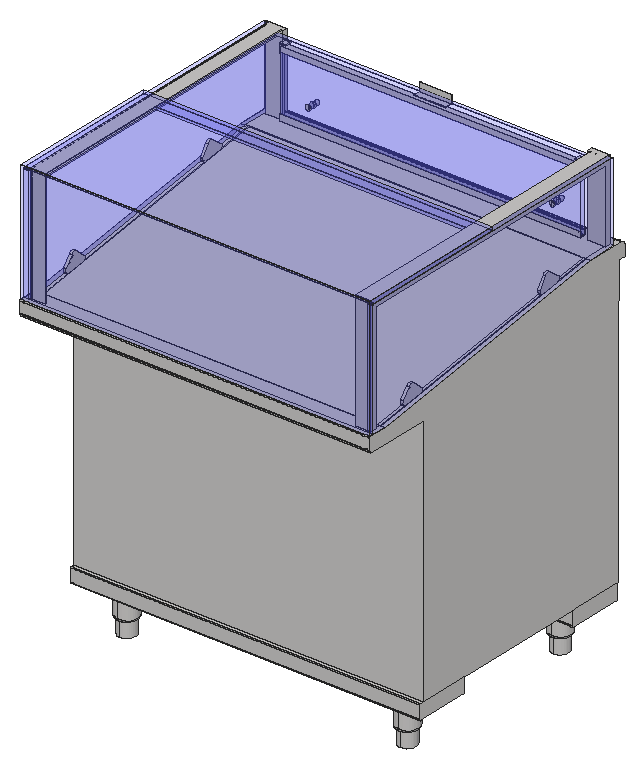
Revit family "Food-Service-Equipment_Oscartek_RN900_Standard", category Specialty Equipment, Revit 2026
Family settings
  Round Connector Dimension = Use Diameter
  Part Type = Normal
  Classification Number = 23.40.40.11
  Work Plane-Based = No
  Enable Cutting in Views = No
  Always vertical = Yes
  Cut with Voids When Loaded = No
  Maintain Annotation Orientation = No
  Shared = No
  Room Calculation Point = No
Parameters
  Width = 35.42969"  # constant formula
  Weight in Pounds = 216
  Watts = Volts * FL Amps  # 240 W
  Volts = 120 V
  URL Cutsheet = "www.oscartek.com"
  URL = "www.oscartek.com"
  Type Mark [instance] = ""
  Type Comments = "As Specified"
  Test Data = "http://www.oscartek.com/company/clients.php"
  Status [instance] = ""
  Specification by User [instance] = ""
  Specification by Manufacturer = ""
  Specification = "https://www.arcat.com/arcatcos/cos48/arc48760.html"
  Show Clearance [instance] = yes
  Serial Number = ""
  Seismic Rating = ""
  Sales Information = "http://www.oscartek.com/company/contact.php"
  SMACNA No = ""
  Revision Code [instance] = ""
  Revision = "R1_2018-10"
  Product Data = "http://www.oscartek.com/support/manuals/"
  Plumbing Remarks = ""
  Plumbing Connection Type = ""
  Phase = 1
  Omniclass Number and Title = ""
  Number of Poles [instance] = 1
  NAFEM Spec ID Number = ""
  Model = "RN900 STANDARD"
  Min Ckt Ampacity = 0 A
  Max Overcurrent Protection = 0 A
  Masterspec = ""
  Manufacturer Website = "http://www.oscartek.com/index.php"
  Manufacturer Phone - Toll Free = "855-885-2400"
  Manufacturer Phone = "650-342-2400"
  Manufacturer Fax = "650-342-7400"
  Manufacturer Address = "361 Beach Rd., Burlingame, CA 94010"
  Manufacturer = "OSCARTEK"
  Item Number [instance] = ""
  Installed By [instance] = ""
  Installation-Fabrication = "http://www.oscartek.com/support/manuals/"
  Indirect Waste Size = 1"
  Indirect Waste Flow [instance] = 0 GPM
  Indirect Waste Connection Type = ""
  Indirect Waste Connection Height [instance] = 0.00"
  Identify Quantity as Lot [instance] = yes
  HP = ""
  Green Building-LEED = "https://www.arcat.com/green/green_building.shtml"
  Furnished By [instance] = ""
  Foodservice Equipment Identifier [instance] = yes
  FL Amps = 2 A
  Electrical Remarks [instance] = ""
  Electric Connection Type [instance] = ""
  Elec Conn RI Height [instance] = 0.00"
  Elec Conn Connection Height [instance] = 0.00"
  Drawn By = "Sumex Design, Inc. / Robert S. Weygant, CSI, CDT, SCIP"
  Description = "ROSA NEUTRAL SHOWCASE"
  Default Elevation = 0.00"
  Cycle = 60 Hz
  Copyright = "©Arcat Inc."
  Construction Details = "http://www.oscartek.com/support/manuals/"
  Conn Plug = ""
  Conn Conduit = yes
  Category = ""
  CSI MasterFormat = "11 41 33"
  CSI Master Format = "Foodservice Shelving"
  Building Codes = "https://www.arcat.com/arcatcos/cos48/arc48760.html"
  Body Finish [instance] = QF_Finishes_Stainless Steel
  Apparent Power = if(Phase = 3, Volts * FL Amps * 1.73, Volts * FL Amps)  # 240 VA
Reference planes (in)
  plane 1 "BACK": y = 7.29134
  plane 2: z = 0
  plane 3 "LEFT": x = 0
  plane 4 "RIGHT": x = 35.42969
  plane 5 "FRONT": y = -24.95866
  plane 6 "TOP": z = 45.25
  plane 7 "Center Y": x = 17.71484
  plane 8 "Center X": y = -8.83366
  plane 9 "Base Height": z = 6
  plane 10 "Right Off": x = 31.92969
  plane 11: x = 0.5
  plane 12: x = 34.92969
  plane 13: z = 31.5
Forms (in)
  Revolve 1, solid, material "QF_Finishes_Stainless Steel"
    sketch origin (3.5, 0, 0) x (0, 1, 0) y (0, 0, 1)
      loop
        line (-15.81885, 0) -> (-14.95271, 0) -> (-14.95271, 1.57481) -> (-14.86603, 1.57481)
        arc (-14.86603, 1.57481) -> (-14.76029, 1.61861) -> (-14.71649, 1.72436) r 0.14954
        line (-14.71649, 1.72436) -> (-14.71649, 4.46851) -> (-15.81885, 4.46851) -> (-15.81885, 0)
      axis (-15.81885, 0) -> (-15.81885, 4.46851)
    angle from 0 to 360
  Revolve 2, solid, material "QF_Finishes_Stainless Steel"
    sketch origin (3.5, 19.37004, 0) x (0, 1, 0) y (0, 0, 1)
      loop
        line (-15.81885, 0) -> (-14.95271, 0) -> (-14.95271, 1.57481) -> (-14.86603, 1.57481)
        arc (-14.86603, 1.57481) -> (-14.76029, 1.61861) -> (-14.71649, 1.72436) r 0.14954
        line (-14.71649, 1.72436) -> (-14.71649, 4.46851) -> (-15.81885, 4.46851) -> (-15.81885, 0)
      axis (-15.81885, 0) -> (-15.81885, 4.46851)
    angle from 0 to 360
  Extrusion 3, solid, material "QF_Finishes_Stainless Steel" <- "Body Finish"
    sketch origin (0, 0, 0) x (0, 1, 0) y (0, 0, 1)
      loop
        line (-18.51225, 4.46851) -> (-13.12545, 4.46851)
        arc (-13.12545, 4.46851) -> (-13.08126, 4.48681) -> (-13.06295, 4.53101) r 0.0625
        line (-13.06295, 4.53101) -> (-13.06295, 5.9375)
        arc (-13.06295, 5.9375) -> (-13.08126, 5.98169) -> (-13.12545, 6) r 0.0625
        line (-13.12545, 6) -> (-18.51225, 6)
        arc (-18.51225, 6) -> (-18.55644, 5.98169) -> (-18.57475, 5.9375) r 0.0625
        line (-18.57475, 5.9375) -> (-18.57475, 4.53101)
        arc (-18.57475, 4.53101) -> (-18.55644, 4.48681) -> (-18.51225, 4.46851) r 0.0625
      loop
        line (0.85779, 4.46851) -> (6.24459, 4.46851)
        arc (6.24459, 4.46851) -> (6.28878, 4.48681) -> (6.30709, 4.53101) r 0.0625
        line (6.30709, 4.53101) -> (6.30709, 5.9375)
        arc (6.30709, 5.9375) -> (6.28878, 5.98169) -> (6.24459, 6) r 0.0625
        line (6.24459, 6) -> (0.85779, 6)
        arc (0.85779, 6) -> (0.8136, 5.98169) -> (0.79529, 5.9375) r 0.0625
        line (0.79529, 5.9375) -> (0.79529, 4.53101)
        arc (0.79529, 4.53101) -> (0.8136, 4.48681) -> (0.85779, 4.46851) r 0.0625
    from 0 to 35.42969
  Revolve 4, solid, material "QF_Finishes_Stainless Steel"
    sketch origin (31.92969, 0, 0) x (0, 0, -1) y (0, -1, 0)
      loop
        line (0, 15.81885) -> (-4.46851, 15.81885) -> (-4.46851, 14.71649) -> (-1.72436, 14.71649)
        arc (-1.72436, 14.71649) -> (-1.61861, 14.76029) -> (-1.57481, 14.86603) r 0.14954
        line (-1.57481, 14.86603) -> (-1.57481, 14.95271) -> (0, 14.95271) -> (0, 15.81885)
      axis (0, 15.81885) -> (-4.46851, 15.81885)
    angle from 0 to 360
  Revolve 5, solid, material "QF_Finishes_Stainless Steel"
    sketch origin (31.92969, 0, 0) x (0, 0, -1) y (0, -1, 0)
      loop
        line (0, -3.55119) -> (-4.46851, -3.55119) -> (-4.46851, -4.65355) -> (-1.72436, -4.65355)
        arc (-1.72436, -4.65355) -> (-1.61861, -4.60975) -> (-1.57481, -4.50401) r 0.14954
        line (-1.57481, -4.50401) -> (-1.57481, -4.41733) -> (0, -4.41733) -> (0, -3.55119)
      axis (0, -3.55119) -> (-4.46851, -3.55119)
    angle from 0 to 360
  Extrusion 6, solid, material "QF_Finishes_Stainless Steel" <- "Body Finish"
    sketch origin (0, 0, 0) x (0, 1, 0) y (0, 0, 1)
      loop
        line (6.90709, 36.74797) -> (3.04134, 36.74797) -> (3.04134, 35.49797) -> (3.54134, 35.49797) -> (3.54134, 31.625) -> (-23.20866, 31.625) -> (-23.20866, 31.75) -> (-22.95866, 31.75) -> (-22.95866, 33) -> (-24.90866, 33)
        arc (-24.90866, 33) -> (-24.94401, 32.98536) -> (-24.95866, 32.95) r 0.05
        line (-24.95866, 32.95) -> (-24.95866, 31.80078)
        arc (-24.95866, 31.80078) -> (-24.94379, 31.76487) -> (-24.90788, 31.75) r 0.05078
        line (-24.90788, 31.75) -> (-24.84055, 31.75) -> (-24.84055, 31.5) -> (-18.18105, 31.5) -> (-18.18105, 6) -> (6.50394, 6) -> (6.50394, 31.5) -> (6.58268, 31.5) -> (6.58268, 35.24797) -> (7.24056, 35.24797)
        arc (7.24056, 35.24797) -> (7.27647, 35.26284) -> (7.29134, 35.29875) r 0.05078
        line (7.29134, 35.29875) -> (7.29134, 36.32422)
        arc (7.29134, 36.32422) -> (7.18097, 36.61023) -> (6.90709, 36.74797) r 0.42578
    from 0.5 to 34.92969
  Extrusion 7, solid, material "Glass"
    sketch origin (0, 0, 0) x (0, 1, 0) y (0, 0, 1)
      loop
        line (5.84459, 44.8563) -> (-24.36893, 44.8563)
        arc (-24.36893, 44.8563) -> (-24.48028, 44.81018) -> (-24.52641, 44.69882) r 0.15748
        line (-24.52641, 44.69882) -> (-24.52641, 33) -> (-22.95866, 33) -> (3.04134, 36.74797) -> (6.00207, 36.74797) -> (6.00207, 44.69882)
        arc (6.00207, 44.69882) -> (5.95595, 44.81018) -> (5.84459, 44.8563) r 0.15748
    from 0 to 0.5
  Extrusion 8, solid, material "Glass"
    sketch origin (35.42969, 0, 0) x (0, 1, 0) y (0, 0, 1)
      loop
        line (5.84459, 44.8563) -> (-24.36893, 44.8563)
        arc (-24.36893, 44.8563) -> (-24.48028, 44.81018) -> (-24.52641, 44.69882) r 0.15748
        line (-24.52641, 44.69882) -> (-24.52641, 33) -> (-22.95866, 33) -> (3.04134, 36.74797) -> (6.00207, 36.74797) -> (6.00207, 44.69882)
        arc (6.00207, 44.69882) -> (5.95595, 44.81018) -> (5.84459, 44.8563) r 0.15748
    from -0.5 to 0
  Extrusion 9, solid, material "Glass"
    sketch origin (0, 0, 0) x (0, 1, 0) y (0, 0, 1)
      loop
        line (-9.33366, 45.25) -> (-24.92011, 45.25) -> (-24.92011, 32.99797) -> (-24.52641, 32.99797) -> (-24.52641, 44.8563) -> (-9.33366, 44.8563) -> (-9.33366, 45.25)
    from 0 to 35.42969
  Extrusion 10, solid, material "Glass"
    sketch origin (39.25, 0, 0.0625) x (0, 1, 0) y (0, 0, -1)
      loop
        line (5.50207, -44.53142) -> (5.50207, -44.19263) -> (-9.95866, -44.19263) -> (-9.95866, -44.53142) -> (5.50207, -44.53142)
    from 4.48558 to 38.58473
  Extrusion 11, solid, material "QF_Finishes_Stainless Steel" <- "Body Finish"
    sketch origin (35.42969, 0, 0) x (0, 1, 0) y (0, 0, 1)
      loop
        line (6.90709, 36.74797) -> (3.04134, 36.74797) -> (-22.95866, 33) -> (-24.90866, 33)
        arc (-24.90866, 33) -> (-24.94401, 32.98536) -> (-24.95866, 32.95) r 0.05
        line (-24.95866, 32.95) -> (-24.95866, 31.80078)
        arc (-24.95866, 31.80078) -> (-24.94379, 31.76487) -> (-24.90788, 31.75) r 0.05078
        line (-24.90788, 31.75) -> (-24.84055, 31.75) -> (-24.84055, 31.5) -> (-18.18105, 31.5) -> (-18.18105, 6) -> (6.50394, 6) -> (6.50394, 31.5) -> (6.58268, 31.5) -> (6.58268, 35.24797) -> (7.24056, 35.24797)
        arc (7.24056, 35.24797) -> (7.27647, 35.26284) -> (7.29134, 35.29875) r 0.05078
        line (7.29134, 35.29875) -> (7.29134, 36.32422)
        arc (7.29134, 36.32422) -> (7.18097, 36.61023) -> (6.90709, 36.74797) r 0.42578
    from 0 to -0.75
  Extrusion 12, solid, material "QF_Finishes_Stainless Steel"
    sketch origin (0, 0, 0) x (1, 0, 0) y (0, 1, 0)
      loop
        line (0.5, 6.00207) -> (0.5, 5.50207) -> (2.25, 5.50207) -> (2.25, 6.00207) -> (0.5, 6.00207)
      loop
        line (34.92969, 6.00207) -> (33.17969, 6.00207) -> (33.17969, 5.50207) -> (34.92969, 5.50207) -> (34.92969, 6.00207)
    from 36.74797 to 44.8563
  Extrusion 13, solid, material "Glass"
    sketch origin (0, -0.10938, 0) x (1, 0, 0) y (0, 1, 0)
      loop
        line (2.5, 5.50207) -> (2.5, 5.00207) -> (32.92969, 5.00207) -> (32.92969, 5.50207) -> (2.5, 5.50207)
    from 37.21272 to 43.81693
  Extrusion 14, solid, material "QF_Finishes_Stainless Steel"
    sketch origin (0, 0, 0) x (0, 1, 0) y (0, 0, 1)
      loop
        line (4.8927, 43.81693) -> (5.3927, 43.81693) -> (5.3927, 43.31693) -> (5.4552, 43.31693) -> (5.4552, 43.87943) -> (4.8302, 43.87943) -> (4.8302, 43.31693) -> (4.8927, 43.31693) -> (4.8927, 43.81693)
      loop
        line (4.8927, 37.16315) -> (4.8927, 37.66315) -> (4.8302, 37.66315) -> (4.8302, 37.10065) -> (5.4552, 37.10065) -> (5.4552, 37.66315) -> (5.3927, 37.66315) -> (5.3927, 37.16315) -> (4.8927, 37.16315)
    from 2.5 to 32.92969
  Extrusion 15, solid, material "QF_Finishes_Stainless Steel"
    sketch origin (0, -24.95866, 0) x (1, 0, 0) y (0, 0, 1)
      loop
        line (33.86719, 44.1063) -> (34.92969, 44.1063) -> (34.92969, 44.8563) -> (33.42969, 44.8563) -> (33.42969, 44.7938) -> (34.86719, 44.7938) -> (34.86719, 44.1688) -> (33.86719, 44.1688) -> (33.86719, 44.1063)
      loop
        line (1.5625, 44.1063) -> (1.5625, 44.1688) -> (0.5625, 44.1688) -> (0.5625, 44.7938) -> (2, 44.7938) -> (2, 44.8563) -> (0.5, 44.8563) -> (0.5, 44.1063) -> (1.5625, 44.1063)
    from -30.46073 to -0.78937
  Extrusion 16, solid, material "QF_Finishes_Stainless Steel"
    sketch origin (0, -24.95866, 0) x (1, 0, 0) y (0, 0, 1)
      loop
        line (32.35755, 44.13772) -> (32.35755, 44.07522) -> (32.94011, 44.07522) -> (32.94011, 43.2537) -> (33.00261, 43.2537) -> (33.00261, 44.13772) -> (32.35755, 44.13772)
      loop
        line (3.07214, 44.13772) -> (2.42708, 44.13772) -> (2.42708, 43.2537) -> (2.48958, 43.2537) -> (2.48958, 44.07522) -> (3.07214, 44.07522) -> (3.07214, 44.13772)
    from -30.41386 to -29.78886
  Extrusion 17, solid, material "QF_Finishes_Door Clearance", visible <- "Show Clearance", detail levels coarse
    sketch origin (0, 0, 0) x (0, 1, 0) y (0, 0, 1)
      loop
        line (4.8927, 43.81693) -> (-1.82359, 43.81693)
        arc (-1.82359, 43.81693) -> (0.14357, 39.0678) -> (4.8927, 37.10065) r 6.71628
        line (4.8927, 37.10065) -> (4.8927, 43.81693)
    from 2.5 to 32.92969
  Extrusion 18, solid, material "QF_Finishes_Stainless Steel"
    sketch origin (0, 0, 0) x (1, 0, 0) y (0, 1, 0)
      loop
        line (0.5, -24.20866) -> (2, -24.20866) -> (2, -24.16929) -> (0.5625, -24.16929) -> (0.5625, -23.62362) -> (0.5, -23.62362) -> (0.5, -24.20866)
      loop
        line (34.92969, -24.20866) -> (34.92969, -23.62362) -> (34.86719, -23.62362) -> (34.86719, -24.16929) -> (33.42969, -24.16929) -> (33.42969, -24.20866) -> (34.92969, -24.20866)
    from 33 to 44.8563
  Extrusion 19, solid, material "QF_Finishes_Stainless Steel"
    sketch origin (17.71484, 0, 0) x (0, 1, 0) y (0, 0, 1)
      loop
        line (4.83, 44.23056) -> (4.83, 44.19038) -> (5.55097, 44.19038) -> (5.55097, 45.05251) -> (5.48847, 45.05251) -> (5.48847, 44.23056) -> (4.83, 44.23056)
    from -1.625 to 1.625
  Revolve 20, solid, material "QF_Finishes_Stainless Steel"
    sketch origin (5.33984, 0, 0.75) x (0, 1, 0) y (0, 0, 1)
      loop
        line (4.82255, 38.49797) -> (4.82255, 38.24797) -> (4.8927, 38.24797) -> (4.8927, 38.49797) -> (4.82255, 38.49797)
      loop
        line (5.3927, 38.49797) -> (5.3927, 38.24797) -> (5.46285, 38.24797) -> (5.46285, 38.34575) -> (5.74111, 38.44703)
        arc (5.74111, 38.44703) -> (5.95993, 38.29989) -> (6.13398, 38.49797) r 0.19974
        line (6.13398, 38.49797) -> (5.3927, 38.49797)
      axis (4.82255, 38.49797) -> (6.13398, 38.49797)
    angle from 0 to 360
  Revolve 21, solid, material "QF_Finishes_Stainless Steel"
    sketch origin (30.08984, 0, 0.75) x (0, 1, 0) y (0, 0, -1)
      loop
        line (4.82255, -38.49797) -> (4.8927, -38.49797) -> (4.8927, -38.24797) -> (4.82255, -38.24797) -> (4.82255, -38.49797)
      loop
        line (5.3927, -38.49797) -> (6.13398, -38.49797)
        arc (6.13398, -38.49797) -> (5.95993, -38.29989) -> (5.74111, -38.44703) r 0.19974
        line (5.74111, -38.44703) -> (5.46285, -38.34575) -> (5.46285, -38.24797) -> (5.3927, -38.24797) -> (5.3927, -38.49797)
      axis (4.82255, -38.49797) -> (6.13398, -38.49797)
    angle from 0 to 360
  Extrusion 22, solid, material "QF_Finishes_Stainless Steel"
    sketch origin (0, 0, 0) x (0, 1, 0) y (0, 0, 1)
      loop
        line (-19.73734, 33.46436) -> (-18.02583, 33.71108)
        arc (-18.02583, 33.71108) -> (-17.79557, 33.87166) -> (-17.7871, 34.15225) r 0.3125
        line (-17.7871, 34.15225) -> (-18.75756, 34.98985)
        arc (-18.75756, 34.98985) -> (-19.04365, 35.07894) -> (-19.30393, 34.93046) r 0.37574
        line (-19.30393, 34.93046) -> (-20.05317, 33.92884)
        arc (-20.05317, 33.92884) -> (-20.04034, 33.59795) -> (-19.73734, 33.46436) r 0.31249
      loop
        arc (-0.67039, 36.21291) -> (-0.41746, 36.42664) -> (-0.49861, 36.74768) r 0.31249
        line (-0.49861, 36.74768) -> (-1.50023, 37.49691)
        arc (-1.50023, 37.49691) -> (-1.79185, 37.56583) -> (-2.04114, 37.39956) r 0.37574
        line (-2.04114, 37.39956) -> (-2.73552, 36.32198)
        arc (-2.73552, 36.32198) -> (-2.64814, 36.0552) -> (-2.38191, 35.96619) r 0.3125
        line (-2.38191, 35.96619) -> (-0.67039, 36.21291)
    from 0.5 to 0.76122
  Extrusion 23, solid, material "QF_Finishes_Stainless Steel"
    sketch origin (35.42969, 0, 0) x (0, 1, 0) y (0, 0, 1)
      loop
        line (-19.73734, 33.46436) -> (-18.02583, 33.71108)
        arc (-18.02583, 33.71108) -> (-17.79557, 33.87166) -> (-17.7871, 34.15225) r 0.3125
        line (-17.7871, 34.15225) -> (-18.75756, 34.98985)
        arc (-18.75756, 34.98985) -> (-19.04365, 35.07894) -> (-19.30393, 34.93046) r 0.37574
        line (-19.30393, 34.93046) -> (-20.05317, 33.92884)
        arc (-20.05317, 33.92884) -> (-20.04034, 33.59795) -> (-19.73734, 33.46436) r 0.31249
      loop
        arc (-0.67039, 36.21291) -> (-0.41746, 36.42664) -> (-0.49861, 36.74768) r 0.31249
        line (-0.49861, 36.74768) -> (-1.50023, 37.49691)
        arc (-1.50023, 37.49691) -> (-1.79185, 37.56583) -> (-2.04114, 37.39956) r 0.37574
        line (-2.04114, 37.39956) -> (-2.73552, 36.32198)
        arc (-2.73552, 36.32198) -> (-2.64814, 36.0552) -> (-2.38191, 35.96619) r 0.3125
        line (-2.38191, 35.96619) -> (-0.67039, 36.21291)
    from -0.5 to -0.75
  Extrusion 24, solid, material "QF_Finishes_Stainless Steel" <- "Body Finish"
    sketch origin (0, 0, 0) x (0, 1, 0) y (0, 0, -1)
      loop
        arc (6.90709, -36.74797) -> (7.18097, -36.61023) -> (7.29134, -36.32422) r 0.42578
        line (7.29134, -36.32422) -> (7.29134, -35.29875)
        arc (7.29134, -35.29875) -> (7.27647, -35.26284) -> (7.24056, -35.24797) r 0.05078
        line (7.24056, -35.24797) -> (6.58268, -35.24797) -> (6.58268, -31.5) -> (6.50394, -31.5) -> (6.50394, -6) -> (-18.18105, -6) -> (-18.18105, -31.5) -> (-24.84055, -31.5) -> (-24.84055, -31.75) -> (-24.90788, -31.75)
        arc (-24.90788, -31.75) -> (-24.94379, -31.76487) -> (-24.95866, -31.80078) r 0.05078
        line (-24.95866, -31.80078) -> (-24.95866, -32.95)
        arc (-24.95866, -32.95) -> (-24.94401, -32.98536) -> (-24.90866, -33) r 0.05
        line (-24.90866, -33) -> (-22.95866, -33) -> (3.04134, -36.74797) -> (6.90709, -36.74797)
    from 0 to -0.76122
  Extrusion 25, solid, material "QF_Finishes_Stainless Steel"
    sketch origin (16.25, 0, 0) x (1, 0, 0) y (0, 1, 0)
      loop
        circle (9.89246, -8.83366) r 0.25
    from 5.6002 to 6
  Extrusion 26, solid, material "QF_Finishes_Door Clearance", visible <- "Show Clearance", detail levels coarse
    sketch origin (0, 0, 0) x (0, 1, 0) y (0, 0, 1)
      loop
        line (-24.92011, 45.25) -> (-9.33366, 45.25) -> (-9.33366, 60.83645)
        arc (-9.33366, 60.83645) -> (-20.35494, 56.27128) -> (-24.92011, 45.25) r 15.58645
    from 0 to 35.42969
  Extrusion 27, solid, material "QF_Finishes_Stainless Steel" <- "Body Finish"
    sketch origin (0, 0, 0) x (0, 1, 0) y (0, 0, 1)
      loop
        line (3.04134, 35.49797) -> (3.04134, 36.74797) -> (-22.95866, 33) -> (-22.95866, 31.75) -> (3.04134, 35.49797)
    from 0.5 to 34.92969
  Extrusion 28, void
    sketch origin (0, 0, 0) x (0, 1, 0) y (0, 0, 1)
      loop
        line (6.58268, 31.5) -> (-17.41569, 31.5) -> (-17.41569, 6.75) -> (6.58268, 6.75) -> (6.58268, 31.5)
    from 1 to 34.42969
  Extrusion 29, solid, material "QF_Finishes_Stainless Steel"
    sketch origin (0, 0, 0) x (0, 1, 0) y (0, 0, 1)
      loop
        line (-15.74606, 20) -> (-15.74606, 19) -> (4.00394, 19) -> (4.00394, 20) -> (-15.74606, 20)
    from 1 to 34.42969
  Extrusion 30, solid, material "QF_Finishes_Stainless Steel"
    sketch origin (0, -36.95866, 31.5) x (0, -1, 0) y (1, 0, 0)
      loop
        circle (-35.875, 4) r 0.5
    from 0.125 to 0.61075
Cuts and joins
  joined: Extrusion 12, Extrusion 15, Extrusion 18
  Extrusion 28 cuts Extrusion 6
  Extrusion 28 cuts Extrusion 11
  Extrusion 28 cuts Extrusion 24
  joined: Extrusion 6, Extrusion 11, Extrusion 24
Lines and regions (in)
  symbolic lines
    curve 1: line (0, -24.95866, 0) -> (0, 7.29134, 0)
    curve 2: line (35.42969, -24.95866, 0) -> (0, -24.95866, 0)
    curve 3: line (0.5, -24.52641, 0) -> (0.5, 6.55709, 0)
    curve 4: line (34.92969, 6.00207, 0) -> (33.17969, 6.00207, 0)
    curve 5: line (35.42969, 5.50207, 0) -> (0, 5.50207, 0)
    curve 6: line (1.64264, -22.95866, 0) -> (1.64264, 5.50207, 0)
    curve 7: line (2.25, 5.50207, 0) -> (2.25, 6.00207, 0)
    curve 8: line (0.66527, 5.50207, 0) -> (0.66527, -9.95866, 0)
    curve 9: line (35.42969, -9.20866, 0) -> (0, -9.20866, 0)
    curve 10: line (0.5, -24.20866, 0) -> (1.5625, -24.20866, 0)
    curve 11: line (1.5625, -24.20866, 0) -> (1.5625, 6.00207, 0)
    curve 12: line (35.42969, 6.55709, 0) -> (34.92969, 6.55709, 0)
    curve 13: line (0, -24.92011, 0) -> (35.42969, -24.90788, 0)
    curve 14: line (35.42969, -24.52641, 0) -> (0, -24.52641, 0)
    curve 15: line (35.42969, -24.95866, 0) -> (35.42969, 7.29134, 0)
    curve 16: line (34.92969, -24.52641, 0) -> (34.92969, 6.55709, 0)
    curve 17: line (33.78705, -22.95866, 0) -> (33.78705, 5.50207, 0)
    curve 18: line (33.17969, 5.50207, 0) -> (33.17969, 6.00207, 0)
    curve 19: line (34.76442, 5.50207, 0) -> (34.76442, -9.95866, 0)
    curve 20: line (34.92969, -24.20866, 0) -> (33.86719, -24.20866, 0)
    curve 21: line (33.86719, -24.20866, 0) -> (33.86719, 6.00207, 0)
    curve 22: line (2.25, 6.00207, 0) -> (0.5, 6.00207, 0)
    curve 23: line (0.5, 6.55709, 0) -> (0, 6.55709, 0)
    curve 24: line (35.42969, 7.29134, 0) -> (0, 7.29134, 0)
    curve 25: line (34.76442, -9.95866, 0) -> (0.66527, -9.95866, 0)
    curve 26: line (0, -22.95866, 0) -> (35.42969, -22.95866, 0)
    curve 27: line (16.08984, 5.55097, 0) -> (19.33984, 5.55097, 0)
    curve 28: line (19.33984, 5.55097, 0) -> (19.33984, 4.89472, 0)
    curve 29: line (19.08984, 4.64472, 0) -> (16.33984, 4.64472, 0)
    curve 30: line (16.08984, 4.89472, 0) -> (16.08984, 5.55097, 0)
    curve 31: arc (16.33984, 4.64472, 0) -> (16.16307, 4.71795, 0) -> (16.08984, 4.89472, 0) r 0.25
    curve 32: arc (19.33984, 4.89472, 0) -> (19.26662, 4.71795, 0) -> (19.08984, 4.64472, 0) r 0.25
  symbolic lines, style "QF-Surface Details"
    curve 33: line (7.92189, -17.61771, 0) -> (11.10387, -14.43573, 0)
    curve 34: line (7.59142, -19.05839, 0) -> (12.54117, -14.10865, 0)
    curve 35: line (9.1841, -18.87993, 0) -> (12.54286, -15.52117, 0)
    curve 36: line (25.19709, -17.61771, 0) -> (28.37907, -14.43573, 0)
    curve 37: line (24.86662, -19.05839, 0) -> (29.81637, -14.10865, 0)
    curve 38: line (26.4593, -18.87993, 0) -> (29.81806, -15.52117, 0)
    curve 39: line (7.92189, -3.70355, 0) -> (11.10387, -0.52157, 0)
    curve 40: line (7.59142, -5.14423, 0) -> (12.54117, -0.19448, 0)
    curve 41: line (9.1841, -4.96577, 0) -> (12.54286, -1.60701, 0)
    curve 42: line (25.19709, -3.70355, 0) -> (28.37907, -0.52157, 0)
    curve 43: line (24.86662, -5.14423, 0) -> (29.81637, -0.19448, 0)
    curve 44: line (26.4593, -4.96577, 0) -> (29.81806, -1.60701, 0)
Dimensions and locks (in)
  equal spacing: plane 3 "LEFT", plane 7 "Center Y", plane 4 "RIGHT"
  "Width": plane 3 "LEFT" to plane 4 "RIGHT"
  equal spacing: plane 5 "FRONT", plane 8 "Center X", plane 1 "BACK"
  plane 5 "FRONT" to plane 1 "BACK" = 32.25"
  plane 6 "TOP" to level = 45.25"
  plane 9 "Base Height" to level = 6.00"
  locked: plane 10 "Right Off" to plane 4 "RIGHT" at 3.5
  locked: plane 12 to plane 4 "RIGHT" at 0.5
  locked: plane 3 "LEFT" to plane 11 at 0.5
  locked: plane 3 "LEFT" to Extrusion 13 sketch curve at 2.5
  locked: Extrusion 13 sketch curve to plane 4 "RIGHT" at 2.5
  locked: plane 4 "RIGHT" to Extrusion 10 at 0.66527
  locked: plane 7 "Center Y" to Revolve 20 at 12.375
  locked: Revolve 21 to plane 7 "Center Y" at 12.375
  plane 5 "FRONT" to Extrusion 10 sketch curve to Extrusion 10 sketch curve = 15.00" locked, 15.46073" locked
  plane 5 "FRONT" to Extrusion 17 sketch curve to Extrusion 17 sketch curve = 23.13507" locked, 6.71628" locked
  plane 5 "FRONT" to Extrusion 13 sketch curve to Extrusion 13 sketch curve = 29.85136" locked, 0.50" locked
  plane 5 "FRONT" to Extrusion 14 sketch curve to Extrusion 14 sketch curve to Extrusion 14 sketch curve to Extrusion 14 sketch curve = 29.78886" locked, 0.0625" locked, 0.50" locked, 0.0625" locked
  plane 5 "FRONT" to Extrusion 23 sketch curve to Extrusion 23 sketch curve to Extrusion 23 sketch curve to Extrusion 23 sketch curve to Extrusion 23 sketch curve to Extrusion 23 sketch curve = 5.17674" locked, 0.77887" locked, 0.93264" locked, 15.64392" locked, 0.7012" locked, 1.01031" locked
  plane 5 "FRONT" to Extrusion 11 sketch curve to Extrusion 11 sketch curve = 2.00" locked, 26.00" locked
  plane 5 "FRONT" to Extrusion 24 sketch curve to Extrusion 24 sketch curve = 2.00" locked, 26.00" locked
  plane 5 "FRONT" to Extrusion 22 sketch curve to Extrusion 22 sketch curve to Extrusion 22 sketch curve to Extrusion 22 sketch curve to Extrusion 22 sketch curve to Extrusion 22 sketch curve = 5.17674" locked, 0.77887" locked, 0.93264" locked, 15.64392" locked, 0.7012" locked, 1.01031" locked
  plane 5 "FRONT" to Extrusion 8 sketch curve to Extrusion 8 sketch curve to Extrusion 8 sketch curve to Extrusion 8 sketch curve = 0.43225" locked, 1.56775" locked, 26.00" locked, 2.96073" locked
  plane 5 "FRONT" to Extrusion 7 sketch curve to Extrusion 7 sketch curve to Extrusion 7 sketch curve to Extrusion 7 sketch curve = 0.43225" locked, 1.56775" locked, 26.00" locked, 2.96073" locked
  plane 5 "FRONT" to Extrusion 6 sketch curve to Extrusion 6 sketch curve = 28.00" locked, 0.50" locked
  plane 5 "FRONT" to Extrusion 19 sketch curve to Extrusion 19 sketch curve to Extrusion 19 sketch curve = 29.78866" locked, 0.65847" locked, 0.0625" locked
  plane 5 "FRONT" to Revolve 21 sketch curve to Revolve 21 sketch curve to Revolve 21 sketch curve to Revolve 21 sketch curve to Revolve 21 sketch curve to Revolve 21 sketch curve = 29.78121" locked, 0.07015" locked, 0.50" locked, 0.07015" locked, 0.27826" locked, 0.19313" locked
  plane 5 "FRONT" to Extrusion 12 sketch curve to Extrusion 12 sketch curve = 30.46073" locked, 0.50" locked
  plane 5 "FRONT" to Revolve 20 sketch curve to Revolve 20 sketch curve to Revolve 20 sketch curve to Revolve 20 sketch curve to Revolve 20 sketch curve to Revolve 20 sketch curve = 29.78121" locked, 0.07015" locked, 0.50" locked, 0.07015" locked, 0.27826" locked, 0.19313" locked
  locked: Extrusion 11 sketch curve to plane 1 "BACK" at 25.47239
  locked: Extrusion 6 sketch curve to plane 1 "BACK" at 25.47239
  locked: Extrusion 24 sketch curve to plane 1 "BACK" at 25.47239
  Extrusion 3 sketch curve to Extrusion 3 sketch curve to Extrusion 3 sketch curve to Extrusion 3 sketch curve to plane 1 "BACK" = 5.5118" locked, 13.85824" locked, 5.5118" locked, 0.98425" locked
  Revolve 5 sketch curve to Revolve 5 sketch curve to plane 1 "BACK" = 1.10236" locked, 2.63779" locked
  Revolve 2 sketch curve to Revolve 2 sketch curve to plane 1 "BACK" = 1.10236" locked, 2.63779" locked
  Revolve 4 sketch curve to Revolve 4 sketch curve to plane 1 "BACK" = 1.10236" locked, 22.00783" locked
  Revolve 1 sketch curve to Revolve 1 sketch curve to plane 1 "BACK" = 1.10236" locked, 22.00783" locked
  locked: plane 5 "FRONT" to Extrusion 9 sketch curve at 15.625
  Extrusion 19 to Extrusion 10 to curve 29 = 0.0489" locked, 0.85735" locked
  curve 9 to curve 25 to curve 26 to curve 14 to plane 5 "FRONT" = 0.75" locked, 13.00" locked, 1.56775", 0.43225"
  locked: Extrusion 25 sketch curve to plane 1 "BACK" at 16.125
  locked: plane 5 "FRONT" to Extrusion 26 sketch curve at 15.625
  plane 5 "FRONT" to Extrusion 27 sketch curve to Extrusion 27 sketch curve = 2.00" locked, 26.00" locked
  plane 13 to level = 31.50"
  Extrusion 6 sketch curve to plane 13 = 0.125"
  locked: plane 6 "TOP" to Extrusion 11 sketch curve at 12.25
  locked: plane 6 "TOP" to Extrusion 24 sketch curve at 12.25
  locked: plane 6 "TOP" to Extrusion 6 sketch curve at 12.25
  locked: plane 6 "TOP" to Extrusion 6 sketch curve at 8.50203
  plane 4 "RIGHT" to plane 3 "LEFT" = 35.42969"
  Extrusion 28 sketch curve to plane 1 "BACK" = 24.70703"
  locked: plane 4 "RIGHT" to Extrusion 28 at 1
  plane 3 "LEFT" to plane 4 "RIGHT" = 35.42969"
  aligned and locked: level to plane 2
  aligned: plane 4 "RIGHT" to Extrusion 6
  aligned and locked: plane 4 "RIGHT" to Extrusion 3
  aligned and locked: Extrusion 6 to plane 11
  aligned and locked: plane 12 to Extrusion 6
  aligned and locked: plane 11 to Extrusion 7
  aligned and locked: Extrusion 8 to plane 12
  aligned: Extrusion 9 to plane 11
  aligned: plane 12 to Extrusion 10
  aligned: plane 12 to Extrusion 9
  aligned: Extrusion 10 to plane 11
  aligned and locked: plane 4 "RIGHT" to Extrusion 9
  aligned and locked: Extrusion 9 to plane 3 "LEFT"
  aligned and locked: Extrusion 14 to Extrusion 13  (x2)
  aligned and locked: Extrusion 13 to Extrusion 17
  aligned and locked: Extrusion 17 to Extrusion 13
  aligned and locked: Extrusion 14 sketch curve to Extrusion 14 sketch curve  (x4)
  aligned and locked: Extrusion 12 sketch curve to Extrusion 12 sketch curve  (x2)
  aligned and locked: curve 5 to Extrusion 10
  aligned and locked: plane 4 "RIGHT" to Extrusion 26
  aligned and locked: Extrusion 26 sketch curve to Extrusion 9
  aligned and locked: Extrusion 6 sketch curve to plane 13
  aligned and locked: Extrusion 11 sketch curve to plane 13
  aligned and locked: Extrusion 24 sketch curve to plane 13
  aligned and locked: plane 12 to Extrusion 27
  aligned and locked: Extrusion 28 to Extrusion 29
Automatic sketch dimensions
  Revolve 1 sketch curve to level = 0.00"
  Revolve 1 sketch curve to Revolve 1 sketch curve = 0.00"  (x2)
  Revolve 1 sketch curve to Revolve 1 sketch curve = 0.23622"
  Revolve 1 sketch curve to Revolve 1 sketch curve = 0.08668"
  level to Revolve 1 sketch curve = 1.57481"
  Revolve 1 sketch curve to plane 9 "Base Height" = 1.53149"
  Revolve 1 sketch curve to plane 9 "Base Height" = 0.61582"
  Revolve 2 sketch curve to level = 0.00"
  Revolve 2 sketch curve to Revolve 2 sketch curve = 0.00"  (x2)
  Revolve 2 sketch curve to Revolve 2 sketch curve = 0.23622"
  Revolve 2 sketch curve to Revolve 2 sketch curve = 0.08668"
  level to Revolve 2 sketch curve = 1.57481"
  Revolve 2 sketch curve to plane 9 "Base Height" = 1.53149"
  Revolve 2 sketch curve to plane 9 "Base Height" = 0.61582"
  Extrusion 3 sketch curve to plane 9 "Base Height" = 0.00"  (x2)
  Extrusion 3 sketch curve to Extrusion 3 sketch curve = 0.0625"  (x8)
  Extrusion 3 sketch curve to Extrusion 3 sketch curve = 1.40649"  (x2)
  Revolve 4 sketch curve to level = 0.00"
  level to Revolve 4 sketch curve = 1.57481"
  Revolve 4 sketch curve to Revolve 4 sketch curve = 0.14954"
  Revolve 4 sketch curve to plane 9 "Base Height" = 1.53149"
  Revolve 4 sketch curve to Revolve 4 sketch curve = 0.00"  (x2)
  Revolve 4 sketch curve to plane 9 "Base Height" = 0.61582"
  Revolve 4 sketch curve to Revolve 4 sketch curve = 0.08668"
  Revolve 5 sketch curve to level = 0.00"
  level to Revolve 5 sketch curve = 1.57481"
  Revolve 5 sketch curve to Revolve 5 sketch curve = 0.14954"
  Revolve 5 sketch curve to plane 9 "Base Height" = 1.53149"
  Revolve 5 sketch curve to Revolve 5 sketch curve = 0.00"  (x2)
  Revolve 5 sketch curve to plane 9 "Base Height" = 0.61582"
  Revolve 5 sketch curve to Revolve 5 sketch curve = 0.08668"
  Extrusion 6 sketch curve to plane 5 "FRONT" = 0.00"
  Extrusion 6 sketch curve to plane 9 "Base Height" = 0.00"
  Extrusion 6 sketch curve to plane 1 "BACK" = 0.00"
  Extrusion 6 sketch curve to plane 5 "FRONT" = 0.05"
  Extrusion 6 sketch curve to plane 5 "FRONT" = 0.05078"
  Extrusion 6 sketch curve to Extrusion 6 sketch curve = 0.06733"
  Extrusion 6 sketch curve to plane 5 "FRONT" = 1.75"
  Extrusion 6 sketch curve to Extrusion 6 sketch curve = 0.25"  (x2)
  plane 1 "BACK" to Extrusion 6 sketch curve = 0.7874"
  Extrusion 6 sketch curve to Extrusion 6 sketch curve = 0.07874"
  Extrusion 6 sketch curve to Extrusion 6 sketch curve = 0.42578"
  plane 1 "BACK" to Extrusion 6 sketch curve = 0.38425"
  plane 1 "BACK" to Extrusion 6 sketch curve = 0.05078"
  Extrusion 6 sketch curve to Extrusion 6 sketch curve = 0.125"
  Extrusion 6 sketch curve to Extrusion 6 sketch curve = 0.00"
  Extrusion 6 sketch curve to Extrusion 6 sketch curve = 1.02547"
  Extrusion 7 sketch curve to Extrusion 7 sketch curve = 0.15748"  (x2)
  Extrusion 7 sketch curve to plane 6 "TOP" = 8.50203"
  Extrusion 7 sketch curve to plane 6 "TOP" = 0.55118"
  Extrusion 8 sketch curve to Extrusion 8 sketch curve = 0.15748"  (x2)
  Extrusion 8 sketch curve to plane 6 "TOP" = 8.50203"
  Extrusion 8 sketch curve to plane 6 "TOP" = 0.55118"
  Extrusion 9 sketch curve to plane 6 "TOP" = 0.00"
  Extrusion 9 sketch curve to plane 5 "FRONT" = 0.43225"
  Extrusion 9 sketch curve to plane 5 "FRONT" = 0.03855"
  Extrusion 9 sketch curve to plane 6 "TOP" = 0.3937"
  Extrusion 10 sketch curve to plane 6 "TOP" = 0.65608"
  Extrusion 10 sketch curve to Extrusion 10 sketch curve = 0.33879"
  Extrusion 11 sketch curve to plane 5 "FRONT" = 0.00"
  Extrusion 11 sketch curve to plane 9 "Base Height" = 0.00"
  Extrusion 11 sketch curve to plane 1 "BACK" = 0.00"
  Extrusion 11 sketch curve to Extrusion 11 sketch curve = 0.05"
  Extrusion 11 sketch curve to plane 5 "FRONT" = 0.05078"
  Extrusion 11 sketch curve to plane 5 "FRONT" = 0.11811"
  plane 1 "BACK" to Extrusion 11 sketch curve = 0.7874"
  plane 1 "BACK" to Extrusion 11 sketch curve = 0.70866"
  Extrusion 11 sketch curve to Extrusion 11 sketch curve = 0.42578"
  plane 1 "BACK" to Extrusion 11 sketch curve = 0.38425"
  Extrusion 11 sketch curve to Extrusion 11 sketch curve = 0.05078"
  Extrusion 11 sketch curve to Extrusion 11 sketch curve = 1.02547"
  Extrusion 14 sketch curve to plane 6 "TOP" = 8.14935"
  Extrusion 14 sketch curve to Extrusion 14 sketch curve = 0.0625"  (x2)
  Extrusion 14 sketch curve to Extrusion 14 sketch curve = 0.50"  (x3)
  Extrusion 14 sketch curve to plane 6 "TOP" = 1.93307"
  Extrusion 14 sketch curve to Extrusion 14 sketch curve = 0.00"
  Extrusion 17 sketch curve to plane 6 "TOP" = 8.14935"
  Extrusion 19 sketch curve to plane 6 "TOP" = 1.05962"
  Extrusion 19 sketch curve to Extrusion 19 sketch curve = 0.04018"
  Extrusion 19 sketch curve to plane 6 "TOP" = 0.19749"
  Revolve 20 sketch curve to Revolve 20 sketch curve = 0.19974"
  Revolve 20 sketch curve to Revolve 20 sketch curve = 0.00"  (x3)
  Revolve 20 sketch curve to Revolve 20 sketch curve = 0.42016"
  Revolve 20 sketch curve to plane 6 "TOP" = 6.25203"
  Revolve 20 sketch curve to Revolve 20 sketch curve = 0.09778"
  Revolve 20 sketch curve to Revolve 20 sketch curve = 0.10128"
  Revolve 20 sketch curve to Revolve 20 sketch curve = 0.25"
  Revolve 21 sketch curve to Revolve 21 sketch curve = 0.19974"
  Revolve 21 sketch curve to Revolve 21 sketch curve = 0.00"  (x3)
  Revolve 21 sketch curve to Revolve 21 sketch curve = 0.42016"
  Revolve 21 sketch curve to plane 6 "TOP" = 6.00203"
  Revolve 21 sketch curve to Revolve 21 sketch curve = 0.15222"
  Revolve 21 sketch curve to Revolve 21 sketch curve = 0.09778"
  Revolve 21 sketch curve to Revolve 21 sketch curve = 0.25"
  Extrusion 22 sketch curve to Extrusion 22 sketch curve = 0.27124"
  Extrusion 22 sketch curve to Extrusion 22 sketch curve = 0.04459"  (x4)
  Extrusion 22 sketch curve to Extrusion 22 sketch curve = 0.30088"
  Extrusion 22 sketch curve to Extrusion 22 sketch curve = 0.2455"
  Extrusion 22 sketch curve to Extrusion 22 sketch curve = 0.28331"
  Extrusion 22 sketch curve to Extrusion 22 sketch curve = 0.30902"
  Extrusion 22 sketch curve to Extrusion 22 sketch curve = 0.31584"
  Extrusion 22 sketch curve to Extrusion 22 sketch curve = 0.22506"  (x2)
  Extrusion 22 sketch curve to Extrusion 22 sketch curve = 0.21637"
  Extrusion 22 sketch curve to Extrusion 22 sketch curve = 0.24672"  (x2)
  Extrusion 22 sketch curve to Extrusion 22 sketch curve = 0.3093"  (x4)
  Extrusion 22 sketch curve to Extrusion 22 sketch curve = 0.68502"
  Extrusion 22 sketch curve to plane 6 "TOP" = 9.28381"
  Extrusion 22 sketch curve to Extrusion 22 sketch curve = 0.92054"
  Extrusion 22 sketch curve to Extrusion 22 sketch curve = 0.20352"
  Extrusion 23 sketch curve to Extrusion 23 sketch curve = 0.27124"
  Extrusion 23 sketch curve to Extrusion 23 sketch curve = 0.04459"  (x4)
  Extrusion 23 sketch curve to Extrusion 23 sketch curve = 0.30088"
  Extrusion 23 sketch curve to Extrusion 23 sketch curve = 0.2455"
  Extrusion 23 sketch curve to Extrusion 23 sketch curve = 0.28331"
  Extrusion 23 sketch curve to Extrusion 23 sketch curve = 0.30902"
  Extrusion 23 sketch curve to Extrusion 23 sketch curve = 0.31584"
  Extrusion 23 sketch curve to Extrusion 23 sketch curve = 0.22506"  (x2)
  Extrusion 23 sketch curve to Extrusion 23 sketch curve = 0.21637"
  Extrusion 23 sketch curve to Extrusion 23 sketch curve = 0.24672"  (x2)
  Extrusion 23 sketch curve to Extrusion 23 sketch curve = 0.3093"  (x4)
  Extrusion 23 sketch curve to Extrusion 23 sketch curve = 0.68502"
  Extrusion 23 sketch curve to plane 6 "TOP" = 9.28381"
  Extrusion 23 sketch curve to Extrusion 23 sketch curve = 0.92054"
  Extrusion 23 sketch curve to Extrusion 23 sketch curve = 0.20352"
  Extrusion 24 sketch curve to plane 5 "FRONT" = 0.00"
  Extrusion 24 sketch curve to plane 9 "Base Height" = 0.00"
  Extrusion 24 sketch curve to plane 1 "BACK" = 0.00"
  Extrusion 24 sketch curve to plane 5 "FRONT" = 0.05"
  Extrusion 24 sketch curve to plane 5 "FRONT" = 0.05078"
  Extrusion 24 sketch curve to Extrusion 24 sketch curve = 0.06733"
  plane 1 "BACK" to Extrusion 24 sketch curve = 0.7874"
  Extrusion 24 sketch curve to Extrusion 24 sketch curve = 0.07874"
  Extrusion 24 sketch curve to Extrusion 24 sketch curve = 0.42578"
  plane 1 "BACK" to Extrusion 24 sketch curve = 0.38425"
  plane 1 "BACK" to Extrusion 24 sketch curve = 0.05078"
  Extrusion 24 sketch curve to Extrusion 24 sketch curve = 1.02547"
  plane 10 "Right Off" to Extrusion 25 sketch curve = 5.78723"
  Extrusion 26 sketch curve to plane 5 "FRONT" = 0.03855"
  Extrusion 27 sketch curve to Extrusion 27 sketch curve = 1.25"  (x2)
  Extrusion 27 sketch curve to plane 6 "TOP" = 9.75203"
  plane 9 "Base Height" to Extrusion 6 sketch curve = 25.50"
  Extrusion 7 sketch curve to Extrusion 7 sketch curve = 11.69882"
  Extrusion 8 sketch curve to Extrusion 8 sketch curve = 11.69882"
  Extrusion 9 sketch curve to Extrusion 9 sketch curve = 11.85833"
  plane 9 "Base Height" to Extrusion 11 sketch curve = 25.50"
  Extrusion 11 sketch curve to Extrusion 11 sketch curve = 0.25"
  Extrusion 11 sketch curve to plane 6 "TOP" = 10.00203"
  Extrusion 22 sketch curve to plane 6 "TOP" = 10.26015"
  Extrusion 23 sketch curve to plane 6 "TOP" = 10.26015"
  plane 9 "Base Height" to Extrusion 24 sketch curve = 25.50"
  Extrusion 24 sketch curve to Extrusion 24 sketch curve = 0.25"
  Extrusion 24 sketch curve to plane 6 "TOP" = 10.00203"
  Extrusion 27 sketch curve to plane 6 "TOP" = 12.25"
  Extrusion 28 sketch curve to plane 13 = 0.00"
  plane 1 "BACK" to Extrusion 28 sketch curve = 0.70866"
  plane 9 "Base Height" to Extrusion 28 sketch curve = 0.75"
  Extrusion 29 sketch curve to Extrusion 29 sketch curve = 1.00"
  Extrusion 29 sketch curve to plane 13 = 12.50"
  plane 1 "BACK" to Extrusion 29 sketch curve = 3.2874"
  Extrusion 29 sketch curve to plane 8 "Center X" = 6.9124"
  curve 1 to plane 3 "LEFT" = 0.00"
  curve 13 to plane 3 "LEFT" = 0.00"
  curve 3 to plane 11 = 0.00"
  curve 12 to plane 12 = 0.00"
  curve 12 to plane 4 "RIGHT" = 0.00"
  plane 5 "FRONT" to curve 15 = 0.00"
  plane 1 "BACK" to curve 1 = 0.00"
  plane 11 to curve 8 = 0.16527"
  curve 10 to curve 10 = 1.0625"
  curve 11 to curve 6 = 0.08014"
  curve 6 to curve 7 = 0.60736"
  plane 11 to curve 40 = 7.09142"
  plane 11 to curve 34 = 7.09142"
  curve 34 to curve 33 = 0.33047"
  curve 40 to curve 39 = 0.33047"
  curve 34 to curve 35 = 1.59268"
  plane 8 "Center X" to curve 41 = 3.86789"
  curve 40 to curve 41 = 1.59268"
  curve 33 to curve 33 = 3.18198"
  curve 39 to curve 39 = 3.18198"
  curve 39 to curve 40 = 1.4373"
  curve 33 to curve 34 = 1.4373"
  curve 34 to curve 35 = 0.00169"
  curve 40 to curve 41 = 0.00169"
  curve 30 to plane 7 "Center Y" = 1.625"
  curve 30 to curve 29 = 0.25"
  plane 7 "Center Y" to curve 32 = 1.375"
  curve 32 to curve 28 = 0.25"
  curve 43 to curve 42 = 0.33047"
  curve 37 to curve 36 = 0.33047"
  curve 43 to curve 44 = 1.59268"
  curve 37 to curve 38 = 1.59268"
  curve 42 to curve 42 = 3.18198"
  curve 36 to curve 36 = 3.18198"
  curve 42 to curve 43 = 1.4373"
  curve 36 to curve 37 = 1.4373"
  curve 43 to curve 44 = 0.00169"
  curve 37 to curve 38 = 0.00169"
  curve 18 to plane 10 "Right Off" = 1.25"
  curve 18 to curve 17 = 0.60736"
  curve 17 to curve 21 = 0.08014"
  curve 25 to plane 12 = 0.16527"
  curve 13 to plane 5 "FRONT" = 0.03855"
  curve 13 to plane 5 "FRONT" = 0.05078"
  curve 21 to plane 5 "FRONT" = 0.75"
  curve 3 to curve 10 = 0.31775"
  curve 34 to plane 5 "FRONT" = 5.90027"
  curve 37 to plane 5 "FRONT" = 5.90027"
  curve 34 to curve 35 = 0.17847"
  curve 37 to curve 38 = 0.17847"
  curve 34 to curve 33 = 1.44068"
  curve 37 to curve 36 = 1.44068"
  curve 35 to curve 35 = 3.35876"
  curve 38 to curve 38 = 3.35876"
  curve 38 to curve 36 = 1.08544"
  curve 35 to curve 33 = 1.08544"
  curve 35 to curve 34 = 1.41252"
  curve 38 to curve 37 = 1.41252"
  plane 8 "Center X" to curve 43 = 3.68943"
  curve 40 to curve 41 = 0.17847"
  curve 43 to curve 44 = 0.17847"
  curve 43 to curve 42 = 1.44068"
  curve 40 to curve 39 = 1.44068"
  curve 41 to curve 41 = 3.35876"
  curve 44 to curve 44 = 3.35876"
  curve 44 to curve 42 = 1.08544"
  curve 41 to curve 39 = 1.08544"
  curve 44 to curve 43 = 1.41252"
  curve 41 to curve 40 = 1.41252"
  curve 28 to curve 27 = 0.65625"
  curve 18 to curve 18 = 0.50"
  curve 7 to curve 22 = 0.50"
  curve 23 to curve 1 = 0.73425"
  curve 4 to curve 16 = 0.55502"
  Extrusion 12 sketch curve to plane 11 = 0.00"
  Extrusion 12 sketch curve to plane 12 = 0.00"
  plane 11 to Extrusion 12 sketch curve = 1.75"
  Extrusion 12 sketch curve to plane 10 "Right Off" = 1.25"
  Extrusion 15 sketch curve to plane 11 = 0.00"
  Extrusion 15 sketch curve to plane 12 = 0.00"
  plane 11 to Extrusion 15 sketch curve = 0.0625"
  Extrusion 15 sketch curve to Extrusion 15 sketch curve = 1.00"
  Extrusion 15 sketch curve to Extrusion 15 sketch curve = 0.4375"  (x2)
  Extrusion 15 sketch curve to plane 6 "TOP" = 0.4562"  (x2)
  Extrusion 15 sketch curve to plane 10 "Right Off" = 1.50"
  Extrusion 15 sketch curve to plane 12 = 0.0625"
  Extrusion 15 sketch curve to Extrusion 15 sketch curve = 0.625"
  Extrusion 15 sketch curve to plane 6 "TOP" = 1.0812"
  Extrusion 15 sketch curve to Extrusion 15 sketch curve = 0.0625"  (x4)
  plane 11 to Extrusion 16 sketch curve = 1.92708"
  Extrusion 16 sketch curve to Extrusion 16 sketch curve = 0.0625"  (x4)
  Extrusion 16 sketch curve to Extrusion 16 sketch curve = 0.58256"  (x2)
  Extrusion 16 sketch curve to plane 10 "Right Off" = 0.42786"
  Extrusion 16 sketch curve to plane 6 "TOP" = 1.9963"  (x2)
  Extrusion 16 sketch curve to Extrusion 16 sketch curve = 0.82152"  (x2)
  Extrusion 18 sketch curve to plane 11 = 0.00"
  Extrusion 18 sketch curve to plane 12 = 0.00"
  plane 11 to Extrusion 18 sketch curve = 0.0625"
  Extrusion 18 sketch curve to Extrusion 18 sketch curve = 1.4375"
  Extrusion 18 sketch curve to plane 10 "Right Off" = 1.50"
  Extrusion 18 sketch curve to plane 12 = 0.0625"
  Extrusion 18 sketch curve to plane 5 "FRONT" = 0.75"  (x2)
  Extrusion 18 sketch curve to Extrusion 18 sketch curve = 0.03937"  (x2)
  Extrusion 18 sketch curve to Extrusion 18 sketch curve = 0.54567"  (x2)
  plane 7 "Center Y" to curve 37 = 7.15178"
  plane 7 "Center Y" to curve 43 = 7.15178"
  plane 11 to Extrusion 30 sketch curve = 3.50"
  plane 8 "Center X" to Extrusion 30 sketch curve = 7.75"
  radius of Extrusion 25 sketch curve = 0.25"
  radius of Extrusion 30 sketch curve = 0.50"
Connectors (in)
  electrical at (26.14246, -8.83366, 5.6002), driven by "Volts", driven by "Watts"
    settings: on Extrusion 25, index 1, voltage 120 V, apparent load 240 VA, apparent load phase1 0 VA, apparent load phase2 0 VA, apparent load phase3 0 VA, power factor 1, load classification "Other", number of poles 1, system type 30, power factor state 1, is connector primary yes, connector utility no, sub classification motor no, connector description "Electrical Connection"
  piping at (4, -1.08366, 31.625), diameter 1
    settings: on Extrusion 30, index 2, connector inside diameter 1", connector length 0.00", flow factor 0, pipe flow 0 GPM, pressure drop 0.00 psi, fitting loss kfactor 0, connector angle 0.00°, fixture units 0, engagement length 0.00", angle of deflection 0.00°, flow configuration 1, flow direction 2, fitting loss method 0, system type 16, joint type 0, gender type 0, connector reference index -1, connector utility 0, adjustable connector no, is connector primary yes, connector description "Drain"
